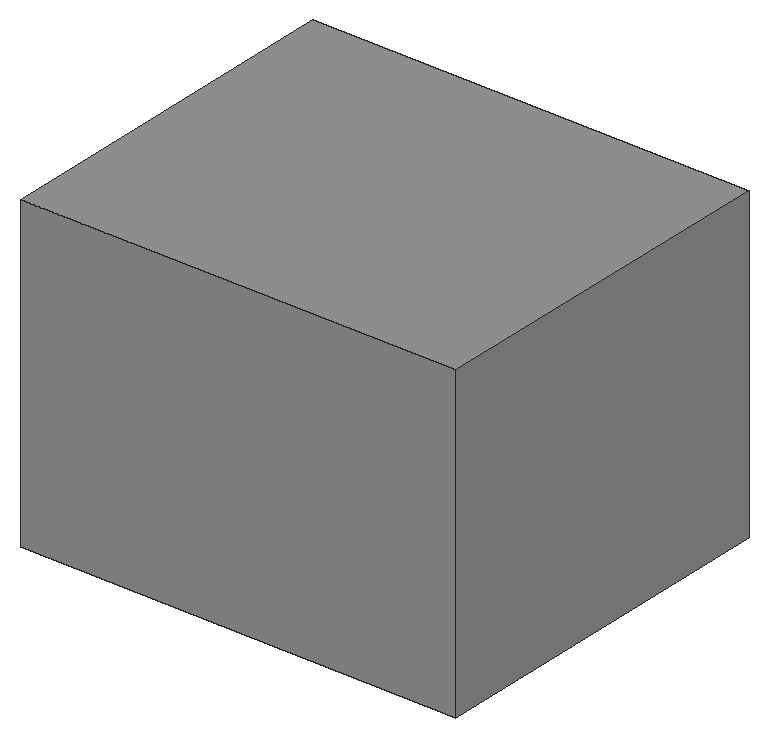
Revit family "AVLN_Оборудование", category Мебель, Revit 2019
Family settings
  Номер OmniClass = 23.40.20.00
  Заголовок OmniClass = General Furniture and Specialties
  На основе рабочей плоскости = Нет
  Всегда вертикально = Да
  При загрузке вырезать с полостями = Нет
  Общий = Нет
  Точка расчета площади = Нет
Parameters (values of type "Автоклав")
  Описание = "Автоклав автоматический с вакуумной сушкой для инструкментов в т.ч. наконечников. 4 лотка, фракцоинный вакууматор, объем камеры 18 л. Температура стерилизации 105-135С. 560х470х400, 220В, 1,5к TANZO C18 NEW"
  М.основы = Акриловый
  Type Comments = ""
  Keynote = ""
  Manufacturer = ""
  Запечатывающее устройство = yes
  Группа модели = "Оборудование поликлиники"
  ADSK_Размер_Ширина = 470 mm
  ADSK_Размер_Длина = 560 mm
  ADSK_Размер_Высота = 400 mm
  ADSK_Примечание [instance] = ""
  ADSK_Обозначение = ""
  ADSK_Наименование = "Автоклав автоматический с вакуумной сушкой для инструкментов в т.ч. наконечников. 4 лотка, фракцоинный вакууматор, объем камеры 18 л. Температура стерилизации 105-135С. 560х470х400, 220В, 1,5к TANZO C18 NEW"
  ADSK_Масса = 0
  ADSK_Марка = ""
  ADSK_Код изделия = ""
  ADSK_Единица измерения = "шт"  # constant formula
Types (3, lengths in mm): name | Описание | ADSK_Размер_Ширина | ADSK_Размер_Длина | ADSK_Размер_Высота | ADSK_Наименование
  (no name) | "Автоклав автоматический с вакуумной сушкой для инструкментов в т.ч. наконечников. 4 лотка, фракцоинный вакууматор, объем камеры 18 л. Температура стерилизации 105-135С. 560х470х400, 220В, 1,5к TANZO C18 NEW" | 470 | 560 | 400 | "Автоклав автоматический с вакуумной сушкой для инструкментов в т.ч. наконечников. 4 лотка, фракцоинный вакууматор, объем камеры 18 л. Температура стерилизации 105-135С. 560х470х400, 220В, 1,5к TANZO C18 NEW"
  Запечатывающее устройство | "Запечатывающее устройство Woson Seal 100" | 330 | 540 | 240 | "Запечатывающее устройство Woson Seal 100"
  Автоклав | "Автоклав автоматический с вакуумной сушкой для инструкментов в т.ч. наконечников. 4 лотка, фракцоинный вакууматор, объем камеры 18 л. Температура стерилизации 105-135С. 560х470х400, 220В, 1,5к TANZO C18 NEW" | 470 | 560 | 400 | "Автоклав автоматический с вакуумной сушкой для инструкментов в т.ч. наконечников. 4 лотка, фракцоинный вакууматор, объем камеры 18 л. Температура стерилизации 105-135С. 560х470х400, 220В, 1,5к TANZO C18 NEW"
Reference planes
  plane 1 "По центру (Вперед/Назад)": y = 0
  plane 2: z = 0
  plane 3 "По центру (Влево/Вправо)": x = 0
  plane 4: z = 400
  plane 5: y = 235
  plane 6: x = 280
  plane 7: x = -280
  plane 8: y = -235
  plane 9: y = 0
Forms (mm)
  Extrusion 1, solid, material "Акриловый" <- "М.основы"
    sketch origin (0, 0, 0) x (1, 0, 0) y (0, 1, 0)
      loop
        line (-280, 235) -> (-280, -235) -> (280, -235) -> (280, 235) -> (-280, 235)
    from 0 to 400
Lines and regions (mm)
  symbolic lines, visible <- "Запечатывающее устройство"
    curve 1: line (-280, 0, 592.976) -> (280, 0, 592.976)
    curve 2: line (-90, 0, 592.976) -> (-90, 55, 592.976)
    curve 3: line (-90, 55, 592.976) -> (90, 55, 592.976)
    curve 4: line (90, 55, 592.976) -> (90, 0, 592.976)
Dimensions and locks
  plane 2 to plane 4 = 400 mm
  equal spacing: plane 8, plane 1 "По центру (Вперед/Назад)", plane 5
  equal spacing: plane 7, plane 3 "По центру (Влево/Вправо)", plane 6
  "ADSK_Размер_Длина": plane 7 to plane 6
  "ADSK_Размер_Ширина": plane 5 to plane 8
  "ADSK_Размер_Высота": plane 2 to plane 4
  plane 9 to plane 8 = 235 mm
  equal spacing: plane 5, plane 9, plane 8
  equal spacing: curve 2, plane 3 "По центру (Влево/Вправо)", curve 4
  locked: plane 1 "По центру (Вперед/Назад)" to curve 3 at 55
  aligned and locked: level to plane 2
  aligned and locked: Extrusion 1 sketch curve to plane 5
  aligned and locked: Extrusion 1 sketch curve to plane 7
  aligned and locked: plane 8 to Extrusion 1 sketch curve
  aligned and locked: Extrusion 1 sketch curve to plane 6
  aligned and locked: Extrusion 1 to level
  aligned and locked: Extrusion 1 to plane 4
  aligned and locked: plane 1 "По центру (Вперед/Назад)" to curve 1
  aligned and locked: plane 6 to curve 1
  aligned and locked: plane 7 to curve 1
Automatic sketch dimensions
  plane 3 "По центру (Влево/Вправо)" to curve 4 = 90 mm
